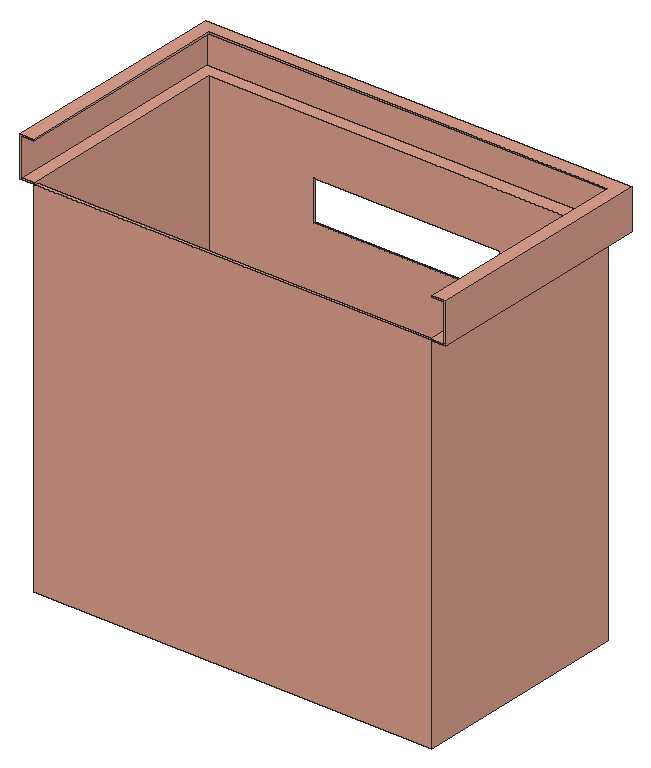
Revit family
Parameters (values of type "Continuous Spouting - Mail Box (Copper)")
  Ownership = "Continuous Spouting New Zealand Ltd"
  Outlet Width = 140.0 mm
  Lip Width = 10.0 mm
  Downpipe Radius = 40.0 mm
  Downpipe Offset = Distance from Wall + 80.0 mm  # 100.0 mm
  Width = 300.0 mm
  URL = "http://www.productspec.net/products/8635/continuous-spouting-new-zealand-ltd/rainwater-heads-mail-box.aspx"
  Type Comments = "Rainwater Head"
  Rainwater Head = Copper
  Model = "Mail Box"
  Manufacturer = "Continuous Spouting New Zealand Ltd"
  Height = 305.0 mm
  Distance from Wall = 20.0 mm
  Depth = 165.0 mm
  Created By = "Productspec Ltd"
  Author = "Zinder Zhao"
Types (5, lengths in mm): name | Rainwater Head
  Continuous Spouting - Mail Box (Copper) | Copper
  Continuous Spouting - Mail Box (Colorcote®) | Colorcote®
  Continuous Spouting - Mail Box (Zinc) | Zinc
  Continuous Spouting - Mail Box (Unpainted Zincalume) | Unpainted Zincalume
  Continuous Spouting - Mail Box (Aluminium) | Aluminium
Reference planes
  plane 1: y = 0
  plane 2 "Center (Left/Right)": x = 120
  plane 3 "Back": y = 75
  plane 4 "Rainwater Head Back": y = 95
  plane 5: y = 260
  plane 6: x = -30
  plane 7: x = 270
  plane 8: z = 275
  plane 9: y = 270
  plane 10: x = 280
  plane 11: x = -40
  plane 12: x = 50
  plane 13: x = 190
  plane 14: z = 235
  plane 15: z = 205
  plane 16: z = 305
  plane 17: y = 175
Forms (mm)
  Sweep 1, solid, material "Copper" <- "Rainwater Head"
    path origin (0, 0, 0) x (1, 0, 0) y (0, 1, 0)
      loop
        line (-30, 95) -> (-30, 260) -> (270, 260) -> (270, 95)
    profile origin (-30, 177.5, 0) x (-1, 0, 0) y (0, 0, 1)
      loop
        line (0, 0) -> (0, 275) -> (10, 275) -> (10, 305) -> (0, 305) -> (0, 304) -> (9, 304) -> (9, 276) -> (-1, 276) -> (-1, 0) -> (0, 0)
  Extrusion 2, solid, material "Copper" <- "Rainwater Head"
    sketch origin (0, 95, 0) x (-1, 0, 0) y (0, 0, 1)
      loop
        line (-270, 275) -> (-270, 0) -> (30, 0) -> (30, 275) -> (-270, 275)
    from 0 to 2
  Extrusion 3, solid, material "Copper" <- "Rainwater Head"
    sketch origin (0, 0, 0) x (1, 0, 0) y (0, 1, 0)
      loop
        line (-29, 259) -> (-29, 97) -> (269, 97) -> (269, 259) -> (-29, 259)
      loop
        circle (120, 175) r 40
    from 0 to 2
  Extrusion 4, void
    sketch origin (0, 349.536, 0) x (1, 0, 0) y (0, 0, 1)
      loop
        line (190, 235) -> (50, 235) -> (50, 205) -> (190, 205) -> (190, 235)
    from -65.477 to 174.536
Cuts and joins
  Extrusion 4 cuts Sweep 1
  Extrusion 4 cuts Extrusion 2
  Extrusion 4 cuts Extrusion 3
  joined: Sweep 1, Extrusion 2, Extrusion 3
Lines and regions (mm)
  symbolic lines, detail levels medium+fine
    curve 1: line (-30, 95, 0) -> (-30, 260, 0)
    curve 2: line (-30, 260, 0) -> (270, 260, 0)
    curve 3: line (270, 260, 0) -> (270, 95, 0)
    curve 4: line (270, 95, 0) -> (-30, 95, 0)
Text (mm)
  text "Placement side" at (-1787.139, 592.35, 0), in view "Ref. Level"
  text "Placement side" at (0, 1827.695, 2917.686), in view "Left"
  text "Placement side" at (0, 562.268, 3853.606), in view "Right"
Dimensions and locks
  locked: plane 3 "Back" to host wall at 0
  equal spacing: plane 6, plane 2 "Center (Left/Right)", plane 7
  "Distance from Wall": plane 4 "Rainwater Head Back" to plane 3 "Back"
  "Depth": plane 5 to plane 4 "Rainwater Head Back"
  "Height": level to plane 16
  plane 8 to plane 16 = 30.0 mm
  "Outlet Width": plane 12 to plane 13
  plane 15 to plane 14 = 30.0 mm
  plane 14 to plane 8 = 40.0 mm
  "Lip Width": plane 11 to plane 6
  "Lip Width": plane 7 to plane 10
  "Lip Width": plane 9 to plane 5
  "Downpipe Offset": plane 17 to plane 3 "Back"
  "Width": plane 6 to plane 7
  "Downpipe Radius": radius of Extrusion 3 sketch curve
  aligned and locked: host wall to plane 1
  aligned and locked: plane 7 to Sweep 1 sketch curve
  aligned and locked: Sweep 1 sketch curve to plane 5
  aligned and locked: Sweep 1 sketch curve to plane 6
  aligned and locked: Sweep 1 sketch curve to level
  aligned and locked: plane 6 to Sweep 1 sketch curve
  aligned and locked: Sweep 1 sketch curve to plane 8
  aligned and locked: plane 11 to Sweep 1 sketch curve
  aligned and locked: plane 16 to Sweep 1 sketch curve
  aligned and locked: Extrusion 2 sketch curve to plane 6
  aligned and locked: plane 7 to Extrusion 2 sketch curve
  aligned and locked: level to Extrusion 2 sketch curve
  aligned and locked: Extrusion 3 sketch curve to cut or joined group of Sweep 1, Extrusion 2, Extrusion 3, Extrusion 4  (x4)
  aligned and locked: Extrusion 4 to plane 17
  aligned and locked: plane 4 "Rainwater Head Back" to curve 4
  aligned and locked: curve 1 to plane 6
  aligned and locked: curve 2 to plane 5
  aligned and locked: plane 7 to curve 3
  aligned and locked: Extrusion 2 sketch curve to cut or joined group of Sweep 1, Extrusion 2, Extrusion 3, Extrusion 4
Automatic sketch dimensions
  Sweep 1 sketch curve to plane 4 "Rainwater Head Back" = 0.0 mm  (x2)
  Sweep 1 sketch curve to profile plane = 0.0 mm
  Sweep 1 sketch curve to Sweep 1 sketch curve = 1.0 mm  (x4)
  Extrusion 3 sketch curve to plane 2 "Center (Left/Right)" = 0.0 mm
  Extrusion 3 sketch curve to plane 17 = 0.0 mm
  Extrusion 4 sketch curve to plane 12 = 0.0 mm
  Extrusion 4 sketch curve to plane 13 = 0.0 mm
  Extrusion 4 sketch curve to plane 15 = 0.0 mm
  Extrusion 4 sketch curve to plane 14 = 0.0 mm
Connectors
  piping at (120, 175, 0), driven by "Downpipe Radius"
    settings: on cut or joined group of Sweep 1, Extrusion 2, Extrusion 3, Extrusion 4, index 1
